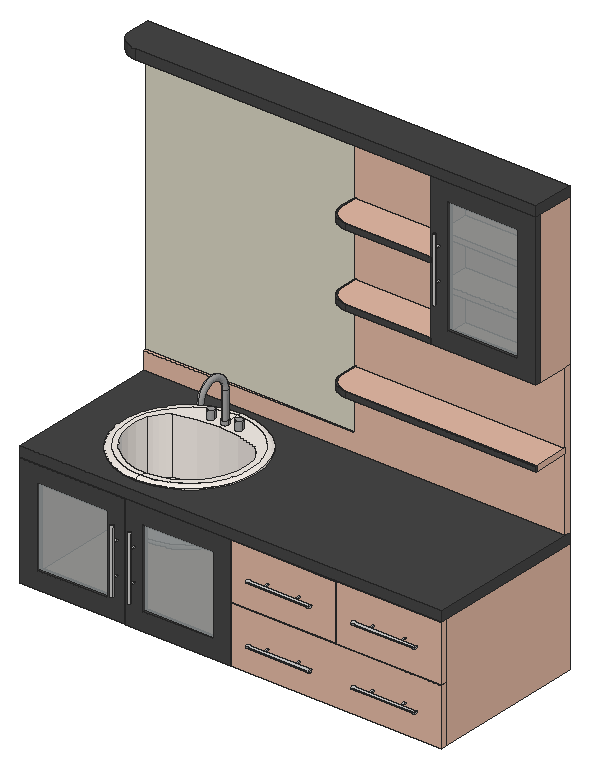
Revit family "BATHROOM CABIN (348)", category Generic Models, Revit 2020
Family settings
  Can host rebar = No
  Round Connector Dimension = Use Diameter
  Part Type = Normal
  Work Plane-Based = No
  Always vertical = Yes
  Cut with Voids When Loaded = No
  Shared = No
  Room Calculation Point = No
Parameters
  Vanity Table Brown = Wood
  Vanity Table Black = Ceramic
  Vanity Mirror = Vanity Mirror
  Vanity Counter Height = 1.38"
  Vanity Case Width = 22.75"
  Vanity Case Length = 60"
  Vanity Case Height = 16.13"
  Vanity Case Handle = Handle
  Vanity Case Glass = Vanity Glass
  Medicine Cabinet Width = 6"
  Medicine Cabinet Height = 21.44"
  Default Elevation = 0"
Reference planes (in)
  plane 1 "Center (Front/Back)": y = 0
  plane 2: z = 0
  plane 3 "Center (Left/Right)": x = 0
  plane 4 "Counter Bottom": z = 30
  plane 5 "Vanity Case Bottom": z = 13.87
  plane 6: x = 30
  plane 7: x = -30
  plane 8: y = 11.375
  plane 9: y = -11.375
  plane 10: x = -15
  plane 11: x = 15
  plane 12: z = 21.935
  plane 13: y = -10.625
  plane 14: y = 10.625
  plane 15: x = -16.25
  plane 16: x = -13.75
  plane 17 "Counter Top": z = 31.38
  plane 18: y = -10.875
  plane 19: y = -11.125
  plane 20 "Medicine Cabinet Bottom": z = 52.82
  plane 21 "Medicine Cabinet Top": z = 74.26
  plane 22: y = 5.375
  plane 23: y = 6.125
  plane 24: y = 5.875
  plane 25: y = 5.625
  plane 26: x = 16.25
  plane 27: y = 4.485
  plane 28: z = 41.72
  plane 29: z = 63.16
  plane 30: z = 75.64
Forms (in)
  Extrusion 1, solid, material "Wood" <- "Vanity Table Brown"
    sketch origin (0, 0, 13.87) x (-1, 0, 0) y (0, -1, 0)
      loop
        line (30, -11.375) -> (30, 10.625) -> (29.25, 10.625) -> (29.25, -10.625) -> (0.38, -10.625) -> (0.38, 10.625) -> (-0.38, 10.625) -> (-0.38, -10.625) -> (-29.25, -10.625) -> (-29.25, 10.625) -> (-30, 10.625) -> (-30, -11.375) -> (30, -11.375)
    from 0 to 16.13
  Extrusion 2, solid, material "Wood" <- "Vanity Table Brown"
    sketch origin (0, 0, 0) x (1, 0, 0) y (0, 0, 1)
      loop
        line (0, 29.87) -> (0, 21.995) -> (14.94, 21.995) -> (14.94, 29.87) -> (0, 29.87)
      loop
        line (0, 13.87) -> (30, 13.87) -> (30, 21.875) -> (0, 21.875) -> (0, 13.87)
      loop
        line (30, 29.87) -> (15.06, 29.87) -> (15.06, 21.995) -> (30, 21.995) -> (30, 29.87)
    from 10.625 to 11.375
  Extrusion 3, solid, material "Wood" <- "Vanity Table Brown"
    sketch origin (0, 0, 0) x (1, 0, 0) y (0, 0, 1)
      loop
        line (29.25, 30) -> (0.38, 30) -> (0.38, 29.25) -> (14.62, 29.25) -> (14.62, 22.315) -> (0.38, 22.315) -> (0.38, 21.555) -> (29.25, 21.555) -> (29.25, 22.315) -> (15.38, 22.315) -> (15.38, 29.25) -> (29.25, 29.25) -> (29.25, 30)
      loop
        line (0.38, 13.87) -> (29.25, 13.87) -> (29.25, 14.62) -> (0.38, 14.62) -> (0.38, 13.87)
      loop
        line (-29.25, 13.87) -> (-0.38, 13.87) -> (-0.38, 14.62) -> (-29.25, 14.62) -> (-29.25, 13.87)
      loop
        line (-29.25, 29.25) -> (-0.38, 29.25) -> (-0.38, 30) -> (-29.25, 30) -> (-29.25, 29.25)
    from -10.625 to 10.625
  Revolve 4, solid, material "Handle" <- "Vanity Case Handle"
    sketch origin (0, 0.5625, 17.8025) x (-1, 0, 0) y (0, -1, 0)
      loop
        line (-12, 12.625) -> (-3, 12.625) -> (-3, 12.825) -> (-12, 12.825) -> (-12, 12.625)
      axis (-3, 12.825) -> (-12, 12.825)
    angle from 0 to 360
  Revolve 5, solid, material "Handle" <- "Vanity Case Handle"
    sketch origin (0, 0, 17.8025) x (-1, 0, 0) y (0, -1, 0)
      loop
        line (-9.75, 11.375) -> (-9.75, 12.27657) -> (-9.85, 12.27657) -> (-9.85, 11.375) -> (-9.75, 11.375)
      axis (-9.75, 12.27657) -> (-9.75, 11.375)
    angle from 0 to 360
  Revolve 6, solid, material "Handle" <- "Vanity Case Handle"
    sketch origin (15, 0, 17.8025) x (1, 0, 0) y (0, -1, 0)
      loop
        line (-9.75, 11.375) -> (-9.75, 12.29234) -> (-9.85, 12.29234) -> (-9.85, 11.375) -> (-9.75, 11.375)
      axis (-9.75, 12.29234) -> (-9.75, 11.375)
    angle from 0 to 360
  Revolve 7, solid, material "Handle" <- "Vanity Case Handle"
    sketch origin (30, 0.5625, 17.8025) x (1, 0, 0) y (0, 1, 0)
      loop
        line (-12, -12.625) -> (-12, -12.825) -> (-3, -12.825) -> (-3, -12.625) -> (-12, -12.625)
      axis (-3, -12.825) -> (-12, -12.825)
    angle from 0 to 360
  Revolve 8, solid, material "Handle" <- "Vanity Case Handle"
    sketch origin (30, 0, 17.8025) x (1, 0, 0) y (0, 1, 0)
      loop
        line (-9.75, -11.375) -> (-9.85, -11.375) -> (-9.85, -12.27657) -> (-9.75, -12.27657) -> (-9.75, -11.375)
      axis (-9.75, -12.27657) -> (-9.75, -11.375)
    angle from 0 to 360
  Revolve 9, solid, material "Handle" <- "Vanity Case Handle"
    sketch origin (15, 0, 17.8025) x (-1, 0, 0) y (0, -1, 0)
      loop
        line (-9.75, 11.375) -> (-9.75, 12.29234) -> (-9.85, 12.29234) -> (-9.85, 11.375) -> (-9.75, 11.375)
      axis (-9.75, 12.29234) -> (-9.75, 11.375)
    angle from 0 to 360
  Revolve 10, solid, material "Handle" <- "Vanity Case Handle"
    sketch origin (0, 0.5625, 26.0675) x (0, 1, 0) y (-1, 0, 0)
      loop
        line (-12.625, -12) -> (-12.625, -3) -> (-12.825, -3) -> (-12.825, -12) -> (-12.625, -12)
      axis (-12.825, -3) -> (-12.825, -12)
    angle from 0 to 360
  Revolve 11, solid, material "Handle" <- "Vanity Case Handle"
    sketch origin (0, 0, 26.0675) x (0, 1, 0) y (-1, 0, 0)
      loop
        line (-11.375, -9.75) -> (-12.27657, -9.75) -> (-12.27657, -9.85) -> (-11.375, -9.85) -> (-11.375, -9.75)
      axis (-12.27657, -9.75) -> (-11.375, -9.75)
    angle from 0 to 360
  Revolve 12, solid, material "Handle" <- "Vanity Case Handle"
    sketch origin (15, 0, 26.0675) x (0, -1, 0) y (1, 0, 0)
      loop
        line (11.375, -9.75) -> (11.375, -9.85) -> (12.29234, -9.85) -> (12.29234, -9.75) -> (11.375, -9.75)
      axis (12.29234, -9.75) -> (11.375, -9.75)
    angle from 0 to 360
  Revolve 13, solid, material "Handle" <- "Vanity Case Handle"
    sketch origin (30, 0.5625, 26.0675) x (0, -1, 0) y (1, 0, 0)
      loop
        line (12.625, -12) -> (12.825, -12) -> (12.825, -3) -> (12.625, -3) -> (12.625, -12)
      axis (12.825, -3) -> (12.825, -12)
    angle from 0 to 360
  Revolve 14, solid, material "Handle" <- "Vanity Case Handle"
    sketch origin (30, 0, 26.0675) x (0, -1, 0) y (1, 0, 0)
      loop
        line (11.375, -9.75) -> (11.375, -9.85) -> (12.27657, -9.85) -> (12.27657, -9.75) -> (11.375, -9.75)
      axis (12.27657, -9.75) -> (11.375, -9.75)
    angle from 0 to 360
  Revolve 15, solid, material "Handle" <- "Vanity Case Handle"
    sketch origin (15, 0, 26.0675) x (0, 1, 0) y (-1, 0, 0)
      loop
        line (-11.375, -9.75) -> (-12.29234, -9.75) -> (-12.29234, -9.85) -> (-11.375, -9.85) -> (-11.375, -9.75)
      axis (-12.29234, -9.75) -> (-11.375, -9.75)
    angle from 0 to 360
  Extrusion 16, solid, material "Ceramic" <- "Vanity Table Black"
    sketch origin (0, 0, 0) x (1, 0, 0) y (0, 0, 1)
      loop
        line (-30, 29.87) -> (-30, 13.87) -> (0, 13.87) -> (0, 29.87) -> (-30, 29.87)
      loop
        line (-27.5, 27.5) -> (-27.5, 16.37) -> (-17.5, 16.37) -> (-17.5, 27.5) -> (-27.5, 27.5)
      loop
        line (-2.5, 27.5) -> (-12.5, 27.5) -> (-12.5, 16.37) -> (-2.5, 16.37) -> (-2.5, 27.5)
    from 10.625 to 11.375
  Extrusion 17, void
    sketch origin (0, 0, 0) x (1, 0, 0) y (0, 0, 1)
      loop
        line (-15.06, 30) -> (-15.06, 13.87) -> (-14.94, 13.87) -> (-14.94, 30) -> (-15.06, 30)
    from 10.625 to 11.375
  Revolve 18, solid, material "Handle" <- "Vanity Case Handle"
    sketch origin (0, 0, 24.185) x (-1, 0, 0) y (0, -1, 0)
      loop
        line (13.75, 11.375) -> (13.75, 12.2625) -> (13.65, 12.2625) -> (13.65, 11.375) -> (13.75, 11.375)
      axis (13.75, 11.375) -> (13.75, 12.2625)
    angle from 0 to 360
  Revolve 19, solid, material "Handle" <- "Vanity Case Handle"
    sketch origin (0, 0, 19.685) x (0, 1, 0) y (-1, 0, 0)
      loop
        line (-11.375, 13.75) -> (-12.2625, 13.75) -> (-12.2625, 13.65) -> (-11.375, 13.65) -> (-11.375, 13.75)
      axis (-11.375, 13.75) -> (-12.2625, 13.75)
    angle from 0 to 360
  Revolve 20, solid, material "Handle" <- "Vanity Case Handle"
    sketch origin (-30, 0, 24.185) x (1, 0, 0) y (0, 1, 0)
      loop
        line (13.75, -11.375) -> (13.65, -11.375) -> (13.65, -12.2625) -> (13.75, -12.2625) -> (13.75, -11.375)
      axis (13.75, -11.375) -> (13.75, -12.2625)
    angle from 0 to 360
  Revolve 21, solid, material "Handle" <- "Vanity Case Handle"
    sketch origin (-30, 0, 19.685) x (0, -1, 0) y (1, 0, 0)
      loop
        line (11.375, 13.75) -> (11.375, 13.65) -> (12.2625, 13.65) -> (12.2625, 13.75) -> (11.375, 13.75)
      axis (11.375, 13.75) -> (12.2625, 13.75)
    angle from 0 to 360
  Revolve 22, solid, material "Handle" <- "Vanity Case Handle"
    sketch origin (0, -12.2625, 0) x (1, 0, 0) y (0, 0, 1)
      loop
        line (-13.95, 26.435) -> (-13.95, 17.435) -> (-13.75, 17.435) -> (-13.75, 26.435) -> (-13.95, 26.435)
      axis (-13.75, 17.435) -> (-13.75, 26.435)
    angle from 0 to 360
  Revolve 23, solid, material "Handle" <- "Vanity Case Handle"
    sketch origin (-30, -12.2625, 0) x (-1, 0, 0) y (0, 0, -1)
      loop
        line (-13.95, -26.435) -> (-13.75, -26.435) -> (-13.75, -17.435) -> (-13.95, -17.435) -> (-13.95, -26.435)
      axis (-13.75, -17.435) -> (-13.75, -26.435)
    angle from 0 to 360
  Sweep 24, void
    path in 3D
      loop
        line (-30, 11.375, 30) -> (-30, -10.625, 30)
    profile origin (-30, 0.375, 30) x (1, 0, 0) y (0, 0, 1)
      loop
        line (0, 0) -> (0, -0.13) -> (0.125, -0.13) -> (0.125, 0) -> (0, 0)
  Extrusion 25, solid, material "Ceramic" <- "Vanity Table Black"
    sketch origin (0, 0, 30) x (-1, 0, 0) y (0, -1, 0)
      loop
        line (-30, -11.375) -> (30, -11.375) -> (30, 11.375) -> (-30, 11.375) -> (-30, -11.375)
      loop
        circle (15, 0.04889) r 9.5
    from 0 to 1.38
  Sweep 26, void
    path origin (0, 0, 0) x (1, 0, 0) y (0, 0, 1)
      loop
        line (-15, 31.38) -> (-15, 28.6925)
    profile origin (-15, 0, 30.03625) x (0, -1, 0) y (1, 0, 0)
      loop
        circle (0.04889, 0) r 9.5
  Extrusion 27, solid, material "Vanity Glass" <- "Vanity Case Glass"
    sketch origin (0, 0, 0) x (1, 0, 0) y (0, 0, 1)
      loop
        line (-27.5, 16.37) -> (-17.5, 16.37) -> (-17.5, 27.5) -> (-27.5, 27.5) -> (-27.5, 16.37)
      loop
        line (-2.5, 16.37) -> (-2.5, 27.5) -> (-12.5, 27.5) -> (-12.5, 16.37) -> (-2.5, 16.37)
    from 10.875 to 11.125
  Extrusion 28, solid, material "Wood" <- "Vanity Table Brown"
    sketch origin (0, 0, 13.87) x (-1, 0, 0) y (0, -1, 0)
      loop
        line (-15.75, -10.625) -> (-29.25, -10.625) -> (-29.25, -6.125) -> (-30, -6.125) -> (-30, -11.375) -> (-15, -11.375) -> (-15, -6.125) -> (-15.75, -6.125) -> (-15.75, -10.625)
    from 38.95 to 60.39
  Extrusion 29, solid, material "Wood" <- "Vanity Table Brown"
    sketch origin (0, 0, 0) x (1, 0, 0) y (0, 0, 1)
      loop
        line (15.75, 74.26) -> (15.75, 73.51) -> (29.25, 73.51) -> (29.25, 74.26) -> (15.75, 74.26)
      loop
        line (15.75, 52.82) -> (29.25, 52.82) -> (29.25, 53.57) -> (15.75, 53.57) -> (15.75, 52.82)
      loop
        line (29.25, 59.83667) -> (29.25, 60.59667) -> (15.75, 60.59667) -> (15.75, 59.83667) -> (29.25, 59.83667)
      loop
        line (29.25, 66.48333) -> (29.25, 67.24333) -> (15.75, 67.24333) -> (15.75, 66.48333) -> (29.25, 66.48333)
    from -10.625 to -6.125
  Extrusion 30, solid, material "Ceramic" <- "Vanity Table Black"
    sketch origin (0, 0, 0) x (1, 0, 0) y (0, 0, 1)
      loop
        line (17.5, 71.76) -> (17.5, 55.32) -> (27.5, 55.32) -> (27.5, 71.76) -> (17.5, 71.76)
      loop
        line (15, 74.26) -> (15, 52.82) -> (30, 52.82) -> (30, 74.26) -> (15, 74.26)
    from -6.125 to -5.375
  Extrusion 31, solid, material "Vanity Glass" <- "Vanity Case Glass"
    sketch origin (0, 0, 0) x (1, 0, 0) y (0, 0, 1)
      loop
        line (17.5, 71.76) -> (17.5, 55.32) -> (27.5, 55.32) -> (27.5, 71.76) -> (17.5, 71.76)
    from -5.875 to -5.625
  Revolve 32, solid, material "Handle" <- "Vanity Case Handle"
    sketch origin (0, 0, 61.29) x (-1, 0, 0) y (0, -1, 0)
      loop
        line (-16.25, -5.375) -> (-16.25, -4.485) -> (-16.35, -4.485) -> (-16.35, -5.375) -> (-16.25, -5.375)
      axis (-16.25, -5.375) -> (-16.25, -4.485)
    angle from 0 to 360
  Revolve 33, solid, material "Handle" <- "Vanity Case Handle"
    sketch origin (0, 0, 65.79) x (0, 1, 0) y (-1, 0, 0)
      loop
        line (5.375, -16.25) -> (4.485, -16.25) -> (4.485, -16.35) -> (5.375, -16.35) -> (5.375, -16.25)
      axis (5.375, -16.25) -> (4.485, -16.25)
    angle from 0 to 360
  Extrusion 34, solid, material "Wood" <- "Vanity Table Brown"
    sketch origin (0, 0, 0) x (1, 0, 0) y (0, 0, 1)
      loop
        line (0, 74.26) -> (0, 33.88) -> (-30, 33.88) -> (-30, 31.38) -> (30, 31.38) -> (30, 52.82) -> (15, 52.82) -> (15, 74.26) -> (0, 74.26)
    from -11.375 to -10.625
  Extrusion 35, solid, material "Vanity Mirror" <- "Vanity Mirror"
    sketch origin (0, 0, 0) x (1, 0, 0) y (0, 0, 1)
      loop
        line (-30, 74.26) -> (-30, 33.88) -> (0, 33.88) -> (0, 74.26) -> (-30, 74.26)
    from -11.375 to -10.93787
  Extrusion 36, solid, material "Ceramic" <- "Vanity Table Black"
    sketch origin (0, 0, 74.26) x (-1, 0, 0) y (0, -1, 0)
      loop
        line (0, -10.625) -> (0, -8.375)
        arc (0, -8.375) -> (-0.87868, -6.25368) -> (-3, -5.375) r 3
        line (-3, -5.375) -> (-15, -5.375) -> (-15, -5.505) -> (-3, -5.505)
        arc (-3, -5.505) -> (-0.9706, -6.3456) -> (-0.13, -8.375) r 2.87
        line (-0.13, -8.375) -> (-0.13, -10.625) -> (0, -10.625)
    from -21.44 to -20.69
  Extrusion 37, solid, material "Wood" <- "Vanity Table Brown"
    sketch origin (0, 0, 0) x (1, 0, 0) y (0, 1, 0)
      loop
        line (15, 5.505) -> (15, 10.625) -> (0.13, 10.625) -> (0.13, 8.375)
        arc (0.13, 8.375) -> (0.9706, 6.3456) -> (3, 5.505) r 2.87
        line (3, 5.505) -> (15, 5.505)
    from 52.82 to 53.57
  Extrusion 38, solid, material "Ceramic" <- "Vanity Table Black"
    sketch origin (0, 0, 74.26) x (-1, 0, 0) y (0, -1, 0)
      loop
        line (0, -10.625) -> (0, -8.375)
        arc (0, -8.375) -> (-0.87868, -6.25368) -> (-3, -5.375) r 3
        line (-3, -5.375) -> (-15, -5.375) -> (-15, -5.505) -> (-3, -5.505)
        arc (-3, -5.505) -> (-0.9706, -6.3456) -> (-0.13, -8.375) r 2.87
        line (-0.13, -8.375) -> (-0.13, -10.625) -> (0, -10.625)
    from -11.1 to -10.35
  Extrusion 39, solid, material "Wood" <- "Vanity Table Brown"
    sketch origin (0, 0, 74.26) x (-1, 0, 0) y (0, -1, 0)
      loop
        line (-15, -5.505) -> (-15, -10.625) -> (-0.13, -10.625) -> (-0.13, -8.375)
        arc (-0.13, -8.375) -> (-0.9706, -6.3456) -> (-3, -5.505) r 2.87
        line (-3, -5.505) -> (-15, -5.505)
    from -11.1 to -10.35
  Extrusion 40, solid, material "Ceramic" <- "Vanity Table Black"
    sketch origin (0, 0, 74.26) x (-1, 0, 0) y (0, -1, 0)
      loop
        line (0, -10.625) -> (0, -8.375)
        arc (0, -8.375) -> (-0.87868, -6.25368) -> (-3, -5.375) r 3
        line (-3, -5.375) -> (-30, -5.375) -> (-30, -5.505) -> (-3, -5.505)
        arc (-3, -5.505) -> (-0.9706, -6.3456) -> (-0.13, -8.375) r 2.87
        line (-0.13, -8.375) -> (-0.13, -10.625) -> (0, -10.625)
    from -32.54 to -31.79
  Extrusion 41, solid, material "Wood" <- "Vanity Table Brown"
    sketch origin (0, 0, 74.26) x (-1, 0, 0) y (0, -1, 0)
      loop
        line (-30, -10.625) -> (-0.13, -10.625) -> (-0.13, -8.375)
        arc (-0.13, -8.375) -> (-0.9706, -6.3456) -> (-3, -5.505) r 2.87
        line (-3, -5.505) -> (-30, -5.505) -> (-30, -10.625)
    from -32.54 to -31.79
  Extrusion 42, solid, material "Ceramic" <- "Vanity Table Black"
    sketch origin (0, 0, 74.26) x (-1, 0, 0) y (0, -1, 0)
      loop
        line (30, -11.375) -> (30, -8.375)
        arc (30, -8.375) -> (29.12132, -6.25368) -> (27, -5.375) r 3
        line (27, -5.375) -> (-30, -5.375) -> (-30, -11.375) -> (30, -11.375)
    from 0 to 1.38
  Revolve 43, solid, material "Handle" <- "Vanity Case Handle"
    sketch origin (0, 4.485, -0.38) x (1, 0, 0) y (0, 0, 1)
      loop
        line (16.25, 68.04) -> (16.25, 59.04) -> (16.45, 59.04) -> (16.45, 68.04) -> (16.25, 68.04)
      axis (16.25, 59.04) -> (16.25, 68.04)
    angle from 0 to 360
Cuts and joins
  joined: Revolve 4, Revolve 5, Revolve 6
  joined: Revolve 7, Revolve 8, Revolve 9
  joined: Revolve 13, Revolve 14, Revolve 15
  joined: Revolve 10, Revolve 11, Revolve 12
  Extrusion 17, Sweep 26 cuts Extrusion 3
  Extrusion 17 cuts Extrusion 16
  joined: Revolve 18, Revolve 19, Revolve 22
  joined: Revolve 20, Revolve 21, Revolve 23
  Sweep 24 cuts Extrusion 1
  Sweep 26 cuts Extrusion 25
  joined: Revolve 32, Revolve 33, Revolve 43
Lines and regions (in)
  sketch lines
    curve 1: line (-30, 11.375, 30) -> (-30, -10.625, 30)
Dimensions and locks (in)
  "Vanity Case Height": plane 4 "Counter Bottom" to plane 5 "Vanity Case Bottom"
  equal spacing: plane 7, plane 3 "Center (Left/Right)", plane 6
  "Vanity Case Length": plane 7 to plane 6
  equal spacing: plane 9, plane 1 "Center (Front/Back)", plane 8
  "Vanity Case Width": plane 9 to plane 8
  equal spacing: plane 7, plane 10, plane 3 "Center (Left/Right)"
  equal spacing: plane 3 "Center (Left/Right)", plane 11, plane 6
  equal spacing: plane 4 "Counter Bottom", plane 12, plane 5 "Vanity Case Bottom"
  locked: plane 9 to plane 13 at 0.75
  locked: plane 14 to plane 8 at 0.75
  plane 10 to plane 15 = 1.25"
  plane 16 to plane 10 = 1.25"
  locked: cut or joined group of Revolve 18, Revolve 19, Revolve 22 to plane 9 at 0.8875
  locked: cut or joined group of Revolve 20, Revolve 21, Revolve 23 to plane 9 at 0.8875
  "Vanity Counter Height": plane 17 "Counter Top" to plane 4 "Counter Bottom"
  locked: plane 18 to plane 13 at 0.25
  locked: plane 9 to plane 19 at 0.25
  plane 20 "Medicine Cabinet Bottom" to plane 17 "Counter Top" = 21.44"
  "Medicine Cabinet Height": plane 21 "Medicine Cabinet Top" to plane 20 "Medicine Cabinet Bottom"
  "Medicine Cabinet Width": plane 22 to plane 8
  plane 22 to plane 23 = 0.75"
  equal spacing: plane 7, nested 1, plane 3 "Center (Left/Right)"
  plane 23 to plane 24 = 0.25"
  plane 25 to plane 22 = 0.25"
  plane 26 to plane 11 = 1.25"
  locked: plane 22 to plane 27 at 0.89
  plane 28 to plane 17 "Counter Top" = 10.34"
  plane 29 to plane 20 "Medicine Cabinet Bottom" = 10.34"
  "Vanity Counter Height": plane 30 to plane 21 "Medicine Cabinet Top"
  locked: Revolve 43 to plane 22 at 0.89
  aligned and locked: plane 2 to level
  aligned and locked: Extrusion 1 sketch curve to plane 7
  aligned and locked: Extrusion 1 sketch curve to plane 8
  aligned and locked: Extrusion 1 sketch curve to plane 6
  aligned and locked: plane 4 "Counter Bottom" to Extrusion 1
  aligned and locked: Extrusion 1 to plane 5 "Vanity Case Bottom"
  aligned and locked: plane 13 to Extrusion 1  (x3)
  aligned and locked: Extrusion 2 sketch curve to plane 3 "Center (Left/Right)"
  aligned and locked: Extrusion 2 sketch curve to plane 5 "Vanity Case Bottom"
  aligned and locked: Extrusion 2 sketch curve to plane 6
  aligned and locked: plane 9 to Extrusion 2
  aligned and locked: Extrusion 2 to Extrusion 1
  aligned and locked: plane 14 to Extrusion 1  (x2)
  aligned and locked: Extrusion 1 to Extrusion 3 sketch curve  (x4)
  aligned and locked: Extrusion 3 to Extrusion 1
  aligned and locked: Extrusion 1 to Extrusion 3
  aligned and locked: Extrusion 3 sketch curve to plane 5 "Vanity Case Bottom"
  aligned and locked: Extrusion 3 sketch curve to Extrusion 1
  aligned and locked: Revolve 6 sketch curve to plane 9
  aligned and locked: plane 9 to Revolve 5 sketch curve
  aligned and locked: Revolve 8 sketch curve to plane 9
  aligned and locked: plane 9 to Revolve 9 sketch curve
  aligned and locked: Revolve 14 sketch curve to plane 9
  aligned and locked: plane 9 to Revolve 15 sketch curve
  aligned and locked: plane 9 to Revolve 11 sketch curve
  aligned and locked: Revolve 12 sketch curve to plane 9
  aligned and locked: Extrusion 16 sketch curve to plane 7
  aligned and locked: Extrusion 16 sketch curve to plane 3 "Center (Left/Right)"
  aligned and locked: Extrusion 16 sketch curve to plane 5 "Vanity Case Bottom"
  aligned and locked: plane 9 to Extrusion 16
  aligned and locked: Extrusion 16 to Extrusion 1
  aligned and locked: Extrusion 17 sketch curve to plane 4 "Counter Bottom"
  aligned and locked: Extrusion 17 sketch curve to plane 5 "Vanity Case Bottom"
  aligned and locked: plane 9 to Extrusion 17
  aligned and locked: Extrusion 17 to plane 13
  aligned and locked: Extrusion 2 to Extrusion 16 sketch curve
  aligned and locked: Revolve 18 sketch curve to plane 16
  aligned and locked: Revolve 18 sketch curve to plane 9
  aligned and locked: Revolve 21 sketch curve to plane 15
  aligned and locked: plane 9 to Revolve 21 sketch curve
  aligned and locked: Revolve 20 sketch curve to plane 15
  aligned and locked: plane 9 to Revolve 20 sketch curve
  aligned and locked: Extrusion 25 sketch curve to plane 8
  aligned and locked: Extrusion 25 sketch curve to plane 9
  aligned and locked: Extrusion 25 sketch curve to plane 7
  aligned and locked: Extrusion 25 sketch curve to plane 6
  aligned and locked: Extrusion 25 to plane 4 "Counter Bottom"
  aligned and locked: plane 17 "Counter Top" to Extrusion 25
  aligned and locked: Extrusion 25 sketch curve to nested 1  (x2)
  aligned and locked: Sweep 26 sketch curve to Extrusion 25  (x2)
  aligned and locked: Extrusion 27 sketch curve to cut or joined group of Extrusion 16, Extrusion 17  (x8)
  aligned and locked: plane 19 to Extrusion 27
  aligned and locked: Extrusion 27 to plane 18
  aligned and locked: Extrusion 28 sketch curve to plane 8
  aligned and locked: Extrusion 28 sketch curve to plane 14
  aligned and locked: Extrusion 28 sketch curve to plane 23
  aligned and locked: Extrusion 28 sketch curve to plane 6
  aligned and locked: Extrusion 28 sketch curve to plane 11
  aligned and locked: Extrusion 28 to plane 20 "Medicine Cabinet Bottom"
  aligned and locked: plane 21 "Medicine Cabinet Top" to Extrusion 28
  aligned and locked: Extrusion 29 sketch curve to plane 21 "Medicine Cabinet Top"
  aligned and locked: Extrusion 29 sketch curve to plane 20 "Medicine Cabinet Bottom"
  aligned and locked: Extrusion 29 sketch curve to Extrusion 28  (x2)
  aligned and locked: Extrusion 29 to plane 14
  aligned and locked: plane 23 to Extrusion 29
  aligned and locked: Extrusion 30 sketch curve to plane 11
  aligned and locked: Extrusion 30 sketch curve to plane 6
  aligned and locked: Extrusion 30 sketch curve to plane 21 "Medicine Cabinet Top"
  aligned and locked: Extrusion 30 sketch curve to plane 20 "Medicine Cabinet Bottom"
  aligned and locked: Extrusion 30 to plane 23
  aligned and locked: plane 22 to Extrusion 30
  aligned and locked: Extrusion 31 sketch curve to Extrusion 30  (x4)
  aligned and locked: Extrusion 31 to plane 24
  aligned and locked: plane 25 to Extrusion 31
  aligned and locked: plane 22 to Revolve 32 sketch curve
  aligned and locked: plane 26 to Revolve 32 sketch curve
  aligned and locked: plane 22 to Revolve 33 sketch curve
  aligned and locked: plane 26 to Revolve 33 sketch curve
  aligned and locked: Extrusion 34 sketch curve to plane 21 "Medicine Cabinet Top"
  aligned and locked: Extrusion 34 sketch curve to plane 3 "Center (Left/Right)"
  aligned and locked: Extrusion 34 sketch curve to plane 11
  aligned and locked: Extrusion 34 sketch curve to plane 20 "Medicine Cabinet Bottom"
  aligned and locked: Extrusion 34 sketch curve to plane 6
  aligned and locked: Extrusion 34 sketch curve to plane 17 "Counter Top"
  aligned and locked: Extrusion 34 sketch curve to plane 7
  aligned and locked: Extrusion 34 to plane 8
  aligned and locked: plane 14 to Extrusion 34
  aligned and locked: Extrusion 35 sketch curve to plane 21 "Medicine Cabinet Top"
  aligned and locked: Extrusion 35 sketch curve to plane 7
  aligned and locked: Extrusion 35 sketch curve to plane 3 "Center (Left/Right)"
  aligned and locked: Extrusion 35 sketch curve to Extrusion 34
  aligned and locked: Extrusion 35 to plane 8
  aligned and locked: Extrusion 34 to Extrusion 36 sketch curve
  aligned and locked: Extrusion 36 sketch curve to plane 11
  aligned and locked: Extrusion 36 sketch curve to plane 22
  aligned and locked: Extrusion 36 sketch curve to plane 3 "Center (Left/Right)"
  aligned and locked: Extrusion 36 to plane 20 "Medicine Cabinet Bottom"
  aligned and locked: Extrusion 29 to Extrusion 36
  aligned and locked: Extrusion 37 sketch curve to Extrusion 36  (x2)
  aligned and locked: Extrusion 37 sketch curve to plane 14
  aligned and locked: Extrusion 37 sketch curve to plane 11
  aligned and locked: Extrusion 29 to Extrusion 37
  aligned and locked: Extrusion 37 to plane 20 "Medicine Cabinet Bottom"
  aligned and locked: Extrusion 38 sketch curve to plane 3 "Center (Left/Right)"
  aligned and locked: Extrusion 38 sketch curve to plane 11
  aligned and locked: Extrusion 38 sketch curve to plane 14
  aligned and locked: Extrusion 38 sketch curve to plane 22
  aligned and locked: Extrusion 38 to plane 29
  aligned and locked: Extrusion 39 sketch curve to Extrusion 38  (x2)
  aligned and locked: Extrusion 39 sketch curve to plane 14
  aligned and locked: Extrusion 39 sketch curve to plane 11
  aligned and locked: Extrusion 39 to plane 29
  aligned and locked: Extrusion 39 to Extrusion 38
  aligned and locked: Extrusion 40 sketch curve to plane 3 "Center (Left/Right)"
  aligned and locked: Extrusion 40 sketch curve to plane 22
  aligned and locked: Extrusion 40 sketch curve to plane 6
  aligned and locked: Extrusion 40 sketch curve to plane 14
  aligned and locked: Extrusion 40 to plane 28
  aligned and locked: Extrusion 41 sketch curve to plane 14
  aligned and locked: Extrusion 41 sketch curve to Extrusion 40  (x2)
  aligned and locked: Extrusion 41 sketch curve to plane 6
  aligned and locked: Extrusion 41 to plane 28
  aligned and locked: Extrusion 41 to Extrusion 40
  aligned and locked: Extrusion 42 sketch curve to plane 7
  aligned and locked: Extrusion 42 sketch curve to plane 8
  aligned and locked: Extrusion 42 sketch curve to plane 6
  aligned and locked: Extrusion 42 sketch curve to plane 22
  aligned and locked: plane 30 to Extrusion 42
  aligned and locked: Extrusion 42 to plane 21 "Medicine Cabinet Top"
  aligned and locked: plane 26 to Revolve 43 sketch curve
Automatic sketch dimensions
  plane 13 to Extrusion 1 sketch curve = 0"  (x3)
  plane 14 to Extrusion 1 sketch curve = 0"  (x2)
  Extrusion 1 sketch curve to plane 6 = 0.75"
  plane 3 "Center (Left/Right)" to Extrusion 1 sketch curve = 0.38"
  Extrusion 1 sketch curve to plane 3 "Center (Left/Right)" = 0.38"
  plane 7 to Extrusion 1 sketch curve = 0.75"
  Extrusion 2 sketch curve to plane 3 "Center (Left/Right)" = 0"
  Extrusion 2 sketch curve to plane 6 = 0"
  Extrusion 2 sketch curve to plane 11 = 0.06"
  plane 11 to Extrusion 2 sketch curve = 0.06"
  Extrusion 2 sketch curve to plane 12 = 0.06"
  plane 12 to Extrusion 2 sketch curve = 0.06"  (x2)
  Extrusion 2 sketch curve to plane 4 "Counter Bottom" = 0.13"
  Extrusion 2 sketch curve to Extrusion 2 sketch curve = 0"
  Extrusion 3 sketch curve to plane 4 "Counter Bottom" = 0"
  Extrusion 3 sketch curve to plane 5 "Vanity Case Bottom" = 0"
  plane 7 to Extrusion 3 sketch curve = 0.75"
  Extrusion 3 sketch curve to plane 3 "Center (Left/Right)" = 0.38"
  plane 3 "Center (Left/Right)" to Extrusion 3 sketch curve = 0.38"  (x2)
  Extrusion 3 sketch curve to plane 11 = 0.38"
  plane 11 to Extrusion 3 sketch curve = 0.38"
  Extrusion 3 sketch curve to plane 6 = 0.75"  (x2)
  Extrusion 3 sketch curve to Extrusion 3 sketch curve = 0.75"  (x3)
  Extrusion 3 sketch curve to plane 12 = 0.38"
  plane 12 to Extrusion 3 sketch curve = 0.38"  (x2)
  Extrusion 3 sketch curve to plane 4 "Counter Bottom" = 0.75"  (x2)
  plane 9 to Revolve 4 sketch curve = 0.6875"
  Revolve 4 sketch curve to plane 11 = 3"
  Revolve 4 sketch curve to Revolve 4 sketch curve = 0"  (x3)
  plane 9 to Revolve 4 sketch curve = 0.8875"
  plane 3 "Center (Left/Right)" to Revolve 4 sketch curve = 3"
  plane 9 to Revolve 5 sketch curve = 0"
  Revolve 5 sketch curve to plane 11 = 5.15"
  Revolve 5 sketch curve to Revolve 5 sketch curve = 0.1"
  Revolve 5 sketch curve to Revolve 5 sketch curve = 0"  (x2)
  plane 9 to Revolve 5 sketch curve = 0.90157"
  plane 9 to Revolve 6 sketch curve = 0"
  Revolve 6 sketch curve to plane 3 "Center (Left/Right)" = 5.15"
  Revolve 6 sketch curve to Revolve 6 sketch curve = 0.1"
  Revolve 6 sketch curve to Revolve 6 sketch curve = 0"  (x2)
  Revolve 6 sketch curve to plane 9 = 0.91734"
  plane 9 to Revolve 7 sketch curve = 0.6875"
  plane 26 to Revolve 7 sketch curve = 1.75"
  Revolve 7 sketch curve to Revolve 7 sketch curve = 0"  (x3)
  plane 9 to Revolve 7 sketch curve = 0.8875"
  Revolve 7 sketch curve to plane 6 = 3"
  plane 9 to Revolve 8 sketch curve = 0"
  plane 26 to Revolve 8 sketch curve = 3.9"
  Revolve 8 sketch curve to Revolve 8 sketch curve = 0.1"
  Revolve 8 sketch curve to Revolve 8 sketch curve = 0"  (x2)
  plane 9 to Revolve 8 sketch curve = 0.90157"
  plane 9 to Revolve 9 sketch curve = 0"
  Revolve 9 sketch curve to plane 6 = 5.15"
  Revolve 9 sketch curve to Revolve 9 sketch curve = 0.1"
  Revolve 9 sketch curve to Revolve 9 sketch curve = 0"  (x2)
  plane 9 to Revolve 9 sketch curve = 0.91734"
  plane 9 to Revolve 10 sketch curve = 0.8875"
  Revolve 10 sketch curve to Revolve 10 sketch curve = 0"  (x3)
  Revolve 10 sketch curve to Revolve 10 sketch curve = 0.2"
  Revolve 10 sketch curve to plane 11 = 3"
  plane 3 "Center (Left/Right)" to Revolve 10 sketch curve = 3"
  plane 9 to Revolve 11 sketch curve = 0"
  plane 9 to Revolve 11 sketch curve = 0.90157"
  Revolve 11 sketch curve to Revolve 11 sketch curve = 0"  (x2)
  Revolve 11 sketch curve to plane 11 = 5.15"
  Revolve 11 sketch curve to Revolve 11 sketch curve = 0.1"
  plane 9 to Revolve 12 sketch curve = 0"
  Revolve 12 sketch curve to Revolve 12 sketch curve = 0.91734"
  Revolve 12 sketch curve to Revolve 12 sketch curve = 0"  (x2)
  plane 3 "Center (Left/Right)" to Revolve 12 sketch curve = 5.15"
  Revolve 12 sketch curve to Revolve 12 sketch curve = 0.1"
  plane 9 to Revolve 13 sketch curve = 0.6875"
  Revolve 13 sketch curve to Revolve 13 sketch curve = 0.2"
  Revolve 13 sketch curve to Revolve 13 sketch curve = 0"  (x3)
  plane 26 to Revolve 13 sketch curve = 1.75"
  Revolve 13 sketch curve to plane 6 = 3"
  plane 9 to Revolve 14 sketch curve = 0"
  plane 9 to Revolve 14 sketch curve = 0.90157"
  Revolve 14 sketch curve to Revolve 14 sketch curve = 0"  (x2)
  plane 26 to Revolve 14 sketch curve = 3.9"
  Revolve 14 sketch curve to Revolve 14 sketch curve = 0.1"
  plane 9 to Revolve 15 sketch curve = 0"
  Revolve 15 sketch curve to Revolve 15 sketch curve = 0.91734"
  Revolve 15 sketch curve to Revolve 15 sketch curve = 0"  (x2)
  Revolve 15 sketch curve to plane 6 = 5.15"
  Revolve 15 sketch curve to Revolve 15 sketch curve = 0.1"
  plane 7 to Extrusion 16 sketch curve = 2.5"
  Extrusion 16 sketch curve to plane 15 = 1.25"
  plane 16 to Extrusion 16 sketch curve = 1.25"
  Extrusion 16 sketch curve to plane 3 "Center (Left/Right)" = 2.5"
  plane 5 "Vanity Case Bottom" to Extrusion 16 sketch curve = 2.5"  (x2)
  Extrusion 16 sketch curve to plane 4 "Counter Bottom" = 2.5"  (x2)
  Extrusion 17 sketch curve to plane 10 = 0.06"
  plane 10 to Extrusion 17 sketch curve = 0.06"
  plane 9 to Revolve 18 sketch curve = 0"
  Revolve 18 sketch curve to plane 16 = 0"
  plane 16 to Revolve 18 sketch curve = 0.1"
  Revolve 18 sketch curve to Revolve 18 sketch curve = 0.8875"
  Revolve 18 sketch curve to Revolve 18 sketch curve = 0"
  Revolve 19 sketch curve to plane 16 = 0"  (x2)
  plane 9 to Revolve 19 sketch curve = 0"  (x2)
  Revolve 19 sketch curve to Revolve 19 sketch curve = 0.8875"
  Revolve 19 sketch curve to Revolve 19 sketch curve = 0"
  plane 16 to Revolve 19 sketch curve = 0.1"
  plane 9 to Revolve 20 sketch curve = 0"
  Revolve 20 sketch curve to plane 15 = 0"
  Revolve 20 sketch curve to Revolve 20 sketch curve = 0.1"
  Revolve 20 sketch curve to Revolve 20 sketch curve = 0.8875"
  Revolve 20 sketch curve to Revolve 20 sketch curve = 0"
  Revolve 21 sketch curve to plane 15 = 0"
  Revolve 21 sketch curve to Revolve 21 sketch curve = 0.1375"
  Revolve 21 sketch curve to plane 15 = 0.1"
  Revolve 21 sketch curve to Revolve 21 sketch curve = 0.75"
  Revolve 21 sketch curve to Revolve 21 sketch curve = 0"
  Revolve 22 sketch curve to plane 16 = 0"  (x2)
  Revolve 22 sketch curve to Revolve 22 sketch curve = 0.2"
  plane 5 "Vanity Case Bottom" to Revolve 22 sketch curve = 3.565"
  Revolve 22 sketch curve to Revolve 22 sketch curve = 0"  (x2)
  Revolve 22 sketch curve to plane 4 "Counter Bottom" = 3.565"
  Revolve 23 sketch curve to plane 15 = 0"  (x2)
  plane 15 to Revolve 23 sketch curve = 0.2"
  Revolve 23 sketch curve to plane 4 "Counter Bottom" = 3.565"
  Revolve 23 sketch curve to Revolve 23 sketch curve = 0"  (x2)
  plane 5 "Vanity Case Bottom" to Revolve 23 sketch curve = 3.565"
  profile plane to Sweep 24 sketch curve = 0"
  Sweep 24 sketch curve to profile plane = 0"
  Sweep 24 sketch curve to profile plane = 0.125"
  Sweep 24 sketch curve to Sweep 24 sketch curve = 0.13"
  Sweep 26 sketch curve to plane 10 = 0"
  Sweep 26 sketch curve to plane 17 "Counter Top" = 0"
  Sweep 26 sketch curve to plane 4 "Counter Bottom" = 1.3075"
  plane 23 to Extrusion 28 sketch curve = 0"
  Extrusion 28 sketch curve to plane 6 = 0.75"
  Extrusion 28 sketch curve to plane 26 = 0.5"
  Extrusion 29 sketch curve to plane 26 = 0.5"  (x3)
  Extrusion 29 sketch curve to plane 6 = 0.75"  (x3)
  Extrusion 29 sketch curve to Extrusion 29 sketch curve = 0.75"
  Extrusion 29 sketch curve to Extrusion 29 sketch curve = 6.26667"
  Extrusion 29 sketch curve to Extrusion 29 sketch curve = 0.76"  (x2)
  Extrusion 29 sketch curve to Extrusion 29 sketch curve = 5.88667"
  Extrusion 29 sketch curve to plane 21 "Medicine Cabinet Top" = 0.75"
  plane 26 to Extrusion 30 sketch curve = 1.25"
  Extrusion 30 sketch curve to plane 6 = 2.5"
  plane 20 "Medicine Cabinet Bottom" to Extrusion 30 sketch curve = 2.5"
  Extrusion 30 sketch curve to plane 21 "Medicine Cabinet Top" = 2.5"
  plane 22 to Revolve 32 sketch curve = 0"
  Revolve 32 sketch curve to plane 26 = 0"
  Revolve 32 sketch curve to Revolve 32 sketch curve = 0.1"
  plane 22 to Revolve 32 sketch curve = 0.89"
  Revolve 32 sketch curve to Revolve 32 sketch curve = 0"
  Revolve 33 sketch curve to plane 26 = 0"
  plane 22 to Revolve 33 sketch curve = 0"
  plane 26 to Revolve 33 sketch curve = 0.1"
  plane 22 to Revolve 33 sketch curve = 0.89"
  Revolve 33 sketch curve to Revolve 33 sketch curve = 0"
  plane 17 "Counter Top" to Extrusion 34 sketch curve = 2.5"
  Extrusion 36 sketch curve to Extrusion 36 sketch curve = 0"  (x2)
  plane 3 "Center (Left/Right)" to Extrusion 36 sketch curve = 3"
  plane 25 to Extrusion 36 sketch curve = 0.12"
  plane 25 to Extrusion 38 sketch curve = 0.12"
  plane 3 "Center (Left/Right)" to Extrusion 38 sketch curve = 3"
  Extrusion 38 sketch curve to Extrusion 38 sketch curve = 0"  (x2)
  Extrusion 40 sketch curve to Extrusion 40 sketch curve = 0"  (x2)
  plane 25 to Extrusion 40 sketch curve = 0.12"
  plane 14 to Extrusion 40 sketch curve = 2.25"
  plane 7 to Extrusion 42 sketch curve = 3"
  Revolve 43 sketch curve to plane 26 = 0"
  plane 26 to Revolve 43 sketch curve = 0.2"
  Revolve 43 sketch curve to plane 29 = 4.5"
  Revolve 43 sketch curve to Revolve 43 sketch curve = 0"  (x2)
  plane 29 to Revolve 43 sketch curve = 4.5"
Nested families (in)
  nested 1: "Sink Vanity-Round" at (-18.80519, -3.40195, 0.38), type "19" x 19""
Definition of nested family "Sink Vanity-Round"
  Parameters
    Default Elevation = 0"
    Assembly Code = "D2010400"
    Basin Material = none
    Faucet Material = none
    Top Of Counter = 31"
  Reference planes (in)
    plane 1: z = 0
    plane 2 "Center (Left/Right)": x = 3.80519
    plane 3 "Top Of Counter": z = 31
    plane 4: z = 31.375
    plane 5: x = -5.69481
    plane 6: x = 13.30519
    plane 7: y = 3.35306
    plane 8: y = 12.85306
    plane 9: y = -6.14694
    plane 10: y = 5.36427
    plane 11 "cold": x = 5.80519
    plane 12 "hot": x = 1.80519
    plane 13: y = 9.72806
    plane 14 "sweep": x = 3.80519
    plane 15: y = 9.72806
    plane 16: z = 32.5
    plane 17: z = 22.5
    plane 18: z = 31.8567
  Forms (in)
    Revolve 1, solid, material <- "Basin Material"
      sketch origin (3.80519, 0, 0) x (0, 1, 0) y (0, 0, 1)
        loop
          line (12.85306, 31) -> (12.85306, 31.15625)
          arc (12.85306, 31.15625) -> (12.46659, 31.34741) -> (12.03632, 31.375) r 1.0978
          line (12.03632, 31.375) -> (3.35306, 31.375) -> (3.35306, 22.5) -> (10.92369, 22.5)
          arc (10.92369, 22.5) -> (11.50477, 22.74582) -> (11.733, 23.33403) r 0.80967
          line (11.733, 23.33403) -> (12.38431, 31) -> (12.85306, 31)
        axis (3.35306, 31.375) -> (3.35306, 22.5)
      angle from 0 to 360
    Extrusion 2, solid
      sketch origin (0, 0, 0) x (1, 0, 0) y (0, 1, 0)
        loop
          circle (3.80519, 3.35306) r 0.8125
      from 23.33403 to 22.5
    Extrusion 3, solid, material <- "Faucet Material"
      sketch origin (0, 0, 0) x (1, 0, 0) y (0, 1, 0)
        loop
          circle (5.80519, 9.72806) r 0.5
      from 32.5 to 31.375
    Extrusion 4, solid, material <- "Faucet Material"
      sketch origin (-4, 0, 0) x (1, 0, 0) y (0, 1, 0)
        loop
          circle (5.80519, 9.72806) r 0.5
      from 32.5 to 31.375
    Extrusion 5, solid, material <- "Faucet Material"
      sketch origin (-2, 0, 0) x (1, 0, 0) y (0, 1, 0)
        loop
          circle (5.80519, 9.72806) r 0.5
      from 31.375 to 31.8567
    Sweep 6, solid, material <- "Faucet Material"
      path origin (3.80519, 0, 0) x (0, -1, 0) y (0, 0, 1)
        loop
          line (-9.72806, 31.375) -> (-9.72806, 35.8125)
          arc (-9.72806, 35.8125) -> (-7.54617, 37.99439) -> (-5.36427, 35.8125) r 2.18189
      profile origin (3.80519, 0, 33.59375) x (0, 1, 0) y (-1, 0, 0)
        loop
          circle (9.72806, 0) r 0.375
    Extrusion 7, void
      sketch origin (0, 0, 0) x (1, 0, 0) y (0, 1, 0)
        loop
          arc (-2.05329, 7.64119) -> (-3.16704, 6.66816) -> (-3.86497, 5.36427) r 4.11612
          arc (-3.86497, 5.36427) -> (3.80519, -4.5764) -> (11.47535, 5.36427) r 7.92946
          arc (11.47535, 5.36427) -> (10.77741, 6.66816) -> (9.66366, 7.64119) r 4.11612
          arc (9.66366, 7.64119) -> (3.80519, 8.63253) -> (-2.05329, 7.64119) r 17.80642
      from 31.375 to 23.33403
  Cuts and joins
    Extrusion 7 cuts Revolve 1
    Extrusion 7 cuts Extrusion 2
    Extrusion 7 cuts Extrusion 3
    Extrusion 7 cuts Extrusion 4
    Extrusion 7 cuts Extrusion 5
    Extrusion 7 cuts Sweep 6
    joined: Extrusion 5, Sweep 6
  Lines and regions (in)
    Masking region 1
      outline origin (0, 0, 31) x (0, -1, 0) y (1, 0, 0)
        loop
          circle (-3.35306, 3.80519) r 9.5
    symbolic lines
      curve 1: arc (4.61769, 3.35306, 31) -> (3.80519, 4.16556, 31) -> (2.99269, 3.35306, 31) r 0.8125
      curve 2: arc (2.99269, 3.35306, 31) -> (3.80519, 2.54056, 31) -> (4.61769, 3.35306, 31) r 0.8125
      curve 3: arc (6.30519, 9.72806, 31) -> (5.80519, 10.22806, 31) -> (5.30519, 9.72806, 31) r 0.5
      curve 4: arc (5.30519, 9.72806, 31) -> (5.80519, 9.22806, 31) -> (6.30519, 9.72806, 31) r 0.5
      curve 5: arc (4.18019, 9.72806, 31) -> (3.80519, 10.10306, 31) -> (3.43019, 9.72806, 31) r 0.375
      curve 6: arc (2.30519, 9.72806, 31) -> (1.80519, 10.22806, 31) -> (1.30519, 9.72806, 31) r 0.5
      curve 7: arc (1.30519, 9.72806, 31) -> (1.80519, 9.22806, 31) -> (2.30519, 9.72806, 31) r 0.5
      curve 8: arc (-3.86497, 5.36427, 31) -> (3.80519, -4.5764, 31) -> (11.47535, 5.36427, 31) r 7.92946
      curve 9: arc (-3.86497, 5.36427, 31) -> (-3.16704, 6.66816, 31) -> (-2.05329, 7.64119, 31) r 4.11612
      curve 10: arc (11.47535, 5.36427, 31) -> (10.77741, 6.66816, 31) -> (9.66366, 7.64119, 31) r 4.11612
      curve 11: arc (-2.05329, 7.64119, 31) -> (0.64959, 8.35069, 31) -> (3.43019, 8.62858, 31) r 17.80642
      curve 12: line (3.43019, 9.72806, 31) -> (3.43019, 5.36427, 31)
      curve 13: line (4.18019, 9.72806, 31) -> (4.18019, 5.36427, 31)
      curve 14: arc (3.43019, 5.36427, 31) -> (3.80519, 4.98927, 31) -> (4.18019, 5.36427, 31) r 0.375
      curve 15: arc (4.18019, 8.62858, 31) -> (6.96078, 8.35069, 31) -> (9.66366, 7.64119, 31) r 17.80642
  Dimensions and locks (in)
    locked: plane 4 to plane 3 "Top Of Counter" at 0.375
    locked: plane 5 to plane 2 "Center (Left/Right)" at 9.5
    locked: plane 2 "Center (Left/Right)" to plane 6 at 9.5
    plane 7 to plane 8 = 9.5"
    plane 9 to plane 7 = 9.5"
    locked: plane 12 "hot" to plane 2 "Center (Left/Right)" at 2
    locked: plane 2 "Center (Left/Right)" to plane 11 "cold" at 2
    locked: plane 13 to plane 8 at 3.125
    "Top Of Counter": plane 3 "Top Of Counter" to plane 1
    locked: plane 16 to plane 3 "Top Of Counter" at 1.5
    locked: plane 3 "Top Of Counter" to plane 17 at 8.5
    plane 18 to plane 4 = 0.4817"
    aligned and locked: plane 16 to Extrusion 3
    aligned and locked: plane 4 to Extrusion 3
    aligned and locked: Extrusion 3 to Extrusion 4
    aligned and locked: plane 4 to Extrusion 4
    aligned and locked: Revolve 1 sketch curve to plane 17
    aligned and locked: Extrusion 7 to Revolve 1
    aligned and locked: Extrusion 7 to plane 4
    aligned and locked: Extrusion 2 to cut or joined group of Revolve 1, Extrusion 7
    aligned and locked: plane 17 to Extrusion 2
    aligned and locked: Extrusion 5 to plane 18
    aligned and locked: plane 4 to Extrusion 5
    aligned and locked: Masking region 1 sketch curve to cut or joined group of Revolve 1, Extrusion 7
  Automatic sketch dimensions
    Extrusion 2 sketch curve to plane 7 = 0"
    Extrusion 2 sketch curve to plane 2 "Center (Left/Right)" = 0"
    Extrusion 2 sketch curve to plane 2 "Center (Left/Right)" = 0.8125"
    Extrusion 3 sketch curve to plane 13 = 0"
    Extrusion 3 sketch curve to plane 11 "cold" = 0"
    Extrusion 3 sketch curve to Extrusion 3 sketch curve = 0.5"
    Extrusion 4 sketch curve to Extrusion 4 sketch curve = 0.5"
    Extrusion 4 sketch curve to plane 13 = 0"
    Extrusion 4 sketch curve to plane 11 "cold" = 4"
    Extrusion 5 sketch curve to Extrusion 5 sketch curve = 0.5"
    Extrusion 5 sketch curve to plane 13 = 0"
    Extrusion 5 sketch curve to plane 11 "cold" = 2"
    Sweep 6 sketch curve to plane 13 = 0"
    Sweep 6 sketch curve to plane 10 = 0"
    Sweep 6 sketch curve to plane 4 = 0"
    Sweep 6 sketch curve to plane 3 "Top Of Counter" = 4.8125"
    Sweep 6 sketch curve to plane 14 "sweep" = 0"
    Sweep 6 sketch curve to profile plane = 0"
    profile plane to Sweep 6 sketch curve = 0.375"
    Revolve 1 sketch curve to plane 7 = 0"  (x2)
    Revolve 1 sketch curve to level = 0"
    Revolve 1 sketch curve to plane 4 = 0"  (x2)
    Revolve 1 sketch curve to plane 3 "Top Of Counter" = 0"
    Revolve 1 sketch curve to plane 8 = 0"
    plane 8 to Revolve 1 sketch curve = 1.92937"
    Revolve 1 sketch curve to Revolve 1 sketch curve = 0.8093"
    plane 8 to Revolve 1 sketch curve = 0.81674"
    Revolve 1 sketch curve to Revolve 1 sketch curve = 0.67048"
    plane 8 to Revolve 1 sketch curve = 0.46875"
    Revolve 1 sketch curve to Revolve 1 sketch curve = 0.80967"
    Revolve 1 sketch curve to Revolve 1 sketch curve = 0.71301"
    Extrusion 7 sketch curve to plane 10 = 0"  (x2)
    Extrusion 7 sketch curve to plane 2 "Center (Left/Right)" = 0"  (x2)
    Extrusion 7 sketch curve to plane 7 = 0"
    Extrusion 7 sketch curve to plane 7 = 0.75228"  (x2)
    Extrusion 7 sketch curve to plane 2 "Center (Left/Right)" = 3.75129"
    Extrusion 7 sketch curve to Extrusion 7 sketch curve = 2.10718"
    Extrusion 7 sketch curve to Extrusion 7 sketch curve = 1.81169"
    plane 2 "Center (Left/Right)" to Extrusion 7 sketch curve = 3.75129"
    plane 9 to Extrusion 7 sketch curve = 3.02695"
    curve 1 to curve 8 = 0"  (x2)
    curve 11 to curve 15 = 0"  (x2)
    curve 7 to plane 13 = 0"
    curve 13 to plane 13 = 0"
    curve 3 to plane 11 "cold" = 0"
    curve 3 to plane 13 = 0"
    curve 5 to plane 2 "Center (Left/Right)" = 0"
    curve 8 to plane 10 = 0"
    curve 9 to plane 10 = 0"
    curve 13 to plane 10 = 0"
    curve 1 to plane 7 = 0"
    curve 11 to plane 2 "Center (Left/Right)" = 0"
    curve 6 to plane 12 "hot" = 0"
    curve 8 to plane 2 "Center (Left/Right)" = 0"
    curve 5 to curve 11 = 1.09948"
    curve 15 to curve 11 = 0"
    plane 13 to curve 15 = 2.08687"
    curve 10 to plane 7 = 0.75228"
    curve 9 to plane 7 = 0.75228"
    plane 9 to curve 11 = 3.02695"
    curve 6 to plane 12 "hot" = 0.5"
    curve 9 to plane 12 "hot" = 1.75129"
    curve 1 to plane 2 "Center (Left/Right)" = 0.8125"
    curve 5 to plane 2 "Center (Left/Right)" = 0.375"
    curve 4 to plane 11 "cold" = 0.5"
    plane 11 "cold" to curve 10 = 1.75129"
